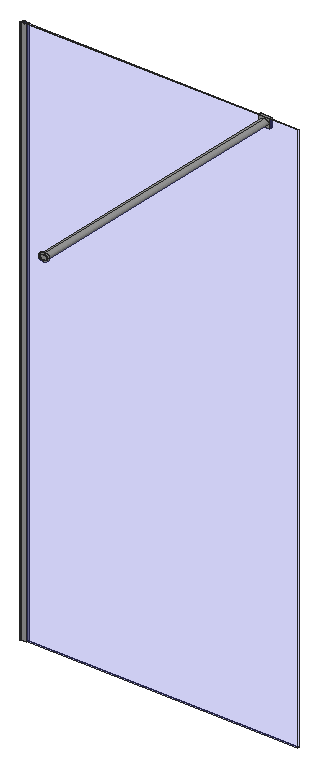
Revit family "Barreira Shower Screen", category Plumbing Fixtures, Revit 2023
Family settings
  Round Connector Dimension = Use Diameter
  Part Type = Normal
  OmniClass Number = 23.45.00.00
  OmniClass Title = Sanitary, Laundry, and Cleaning Equipment
  Work Plane-Based = No
  Enable Cutting in Views = No
  Always vertical = Yes
  Cut with Voids When Loaded = No
  Maintain Annotation Orientation = No
  Shared = No
  Room Calculation Point = No
Parameters
  Stainless Steel = Stainless Steel, Polished
  Glass = Glass
  Default Elevation = 0 mm
Reference planes
  plane 1 "Center (Front/Back)": y = 0
  plane 2: z = 0
  plane 3 "Center (Left/Right)": x = 0
Forms (mm)
  Extrusion 1, solid, material "Glass" <- "Glass"
    sketch origin (2, 1000, 0) x (1, 0, 0) y (0, 1, 0)
      loop
        line (0, 0) -> (1000, 0) -> (1000, 6) -> (0, 6) -> (0, 0)
    from 0 to 2000
  Extrusion 2, solid, material "Stainless Steel, Polished" <- "Stainless Steel"
    sketch origin (2, 1000, 0) x (1, 0, 0) y (0, 1, 0)
      loop
        line (0, 6.5) -> (20, 6.5) -> (20, 7.5) -> (-2, 8.653) -> (-2, -2.653) -> (20, -1.5) -> (20, -0.5) -> (0, -0.5) -> (0, 6.5)
    from 0 to 2000
  Extrusion 3, solid, material "Stainless Steel, Polished" <- "Stainless Steel"
    sketch origin (862, 1000, 0) x (0, 1, 0) y (0, 0, 1)
      loop
        line (6.5, 2000.5) -> (6.5, 1970.5) -> (8.1, 1970.5) -> (8.1, 2002.1) -> (-2.6, 2002.1) -> (-2.6, 1970.5) -> (-1, 1970.5) -> (-1, 2000.5) -> (6.5, 2000.5)
    from 0 to 40
  Extrusion 4, solid, material "Stainless Steel, Polished" <- "Stainless Steel"
    sketch origin (0, 1000, 0) x (1, 0, 0) y (0, 0, 1)
      loop
        spline (882, 1976.3) -> (885.882, 1976.641) -> (889.5, 1977.64) -> (892.607, 1979.229) -> (894.99, 1981.3) -> (896.489, 1983.712) -> (897, 1986.3) -> (896.489, 1988.888) -> (894.99, 1991.3) -> (892.607, 1993.371) -> (889.5, 1994.96) -> (885.882, 1995.959) -> (882, 1996.3)
        spline (882, 1996.3) -> (878.118, 1995.959) -> (874.5, 1994.96) -> (871.393, 1993.371) -> (869.01, 1991.3) -> (867.511, 1988.888) -> (867, 1986.3) -> (867.511, 1983.712) -> (869.01, 1981.3) -> (871.393, 1979.229) -> (874.5, 1977.64) -> (878.118, 1976.641) -> (882, 1976.3)
    from 2.6 to 1000
  Extrusion 5, solid, material "Stainless Steel, Polished" <- "Stainless Steel"
    sketch origin (0, 0, 0) x (1, 0, 0) y (0, 0, 1)
      loop
        spline (882, 1976.3) -> (885.882, 1976.641) -> (889.5, 1977.64) -> (892.607, 1979.229) -> (894.99, 1981.3) -> (896.489, 1983.712) -> (897, 1986.3) -> (896.489, 1988.888) -> (894.99, 1991.3) -> (892.607, 1993.371) -> (889.5, 1994.96) -> (885.882, 1995.959) -> (882, 1996.3)
        spline (882, 1996.3) -> (878.118, 1995.959) -> (874.5, 1994.96) -> (871.393, 1993.371) -> (869.01, 1991.3) -> (867.511, 1988.888) -> (867, 1986.3) -> (867.511, 1983.712) -> (869.01, 1981.3) -> (871.393, 1979.229) -> (874.5, 1977.64) -> (878.118, 1976.641) -> (882, 1976.3)
      loop
        spline (882, 1973.3) -> (886.41, 1973.688) -> (890.577, 1974.839) -> (894.271, 1976.733) -> (897.26, 1979.338) -> (899.272, 1982.593) -> (900, 1986.3) -> (899.272, 1990.007) -> (897.26, 1993.262) -> (894.271, 1995.867) -> (890.577, 1997.761) -> (886.41, 1998.912) -> (882, 1999.3)
        spline (882, 1999.3) -> (877.59, 1998.912) -> (873.423, 1997.761) -> (869.729, 1995.867) -> (866.74, 1993.262) -> (864.728, 1990.007) -> (864, 1986.3) -> (864.728, 1982.593) -> (866.74, 1979.338) -> (869.729, 1976.733) -> (873.423, 1974.839) -> (877.59, 1973.688) -> (882, 1973.3)
    from 0 to -4
Dimensions and locks
  aligned and locked: level to plane 2
